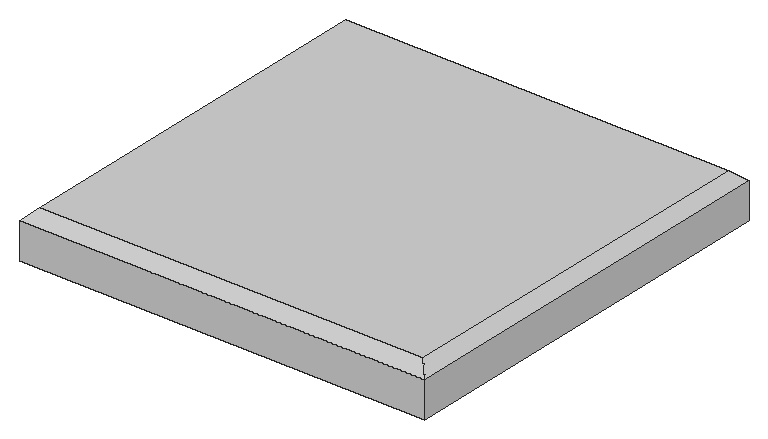
Revit family "12 X 12 SQUARE", category Specialty Equipment, Revit 2023
Family settings
  Round Connector Dimension = Use Diameter
  Part Type = Normal
  OmniClass Number = 23.35.00.00
  OmniClass Title = Covering, Cladding, and Finishes
  Work Plane-Based = Yes
  Enable Cutting in Views = Yes
  Always vertical = No
  Cut with Voids When Loaded = No
  Maintain Annotation Orientation = No
  Shared = No
  Room Calculation Point = No
Parameters (values of type "1-3/8 inch thick Primed White")
  URL = "https://www.acousticalsurfaces.com/envirocoustic-wood-wool/shapes/"
  Type Comments = "Acoustic Panels"
  Thickness = 0' - 1 3/8"
  Recycled Content Percentage = "0%"
  Model = "Envirocoustic Wood Wool"
  Material = "Envirocoustic Wood Wool"
  Manufacturer = "Acoustical Surfaces, Inc."
  Fire Rating = "ASTM E84 - Class A"
  Finish = Paint - Acoustical-Surfaces - Primed White
  Description = "Acoustic Panels"
  Default Elevation = 0' - 0"
  Assembly Code = "C30"
  Acoustics - NRC = "Sound absorption varies from NRC 0.45 to 0.95 based on installation method used when tested per ASTM C423."
Types (9): name | Thickness | Finish
  1-3/8 inch thick Primed White | 0' - 1 3/8" | Paint - Acoustical-Surfaces - Primed White
  1-3/8 inch thick Primed Clear | 0' - 1 3/8" | Paint - Acoustical-Surfaces - Primed Clear
  1-3/8 inch thick Custom Painted | 0' - 1 3/8" | Paint - Acoustical-Surfaces - Custom Painted
  2 inch thick Primed White | 0' - 2" | Paint - Acoustical-Surfaces - Primed White
  2 inch thick Primed Clear | 0' - 2" | Paint - Acoustical-Surfaces - Primed Clear
  2 inch thick Custom Painted | 0' - 2" | Paint - Acoustical-Surfaces - Custom Painted
  1 inch thick Primed White | 0' - 1" | Paint - Acoustical-Surfaces - Primed White
  1 inch thick Primed Clear | 0' - 1" | Paint - Acoustical-Surfaces - Primed Clear
  1 inch thick Custom Painted | 0' - 1" | Paint - Acoustical-Surfaces - Custom Painted
Reference planes (in)
  plane 1 "Center (Front/Back)": y = 0
  plane 2: z = 0
  plane 3 "Center (Left/Right)": x = 0
  plane 4: x = -6
  plane 5: x = 6
  plane 6: y = 6
  plane 7: y = -6
  plane 8: z = 1.375
  plane 9: z = -1
Forms (in)
  Extrusion 1, solid, material "Paint - Acoustical-Surfaces - Primed White" <- "Finish"
    sketch origin (0, 0, 0) x (1, 0, 0) y (0, 1, 0)
      loop
        line (6, 6) -> (-6, 6) -> (-6, -6) -> (6, -6) -> (6, 6)
    from 0 to 1.375
  Sweep 2, void
    path in 3D
      loop
        line (6, 6, 1.375) -> (-6, 6, 1.375) -> (-6, -6, 1.375) -> (6, -6, 1.375) -> (6, 6, 1.375)
    profile "Triangle : Family2" origin (6, 0, 1.375) x (-1, 0, 0) y (0, 0, 1)
      loop
        line (0, 0) -> (0, -0.315) -> (0.315, 0) -> (0, 0)
Cuts and joins
  Sweep 2 cuts Extrusion 1
Lines and regions (in)
  sketch lines
    curve 1: line (6, -6, 1.375) -> (6, 6, 1.375)
    curve 2: line (-6, -6, 1.375) -> (6, -6, 1.375)
    curve 3: line (-6, 6, 1.375) -> (-6, -6, 1.375)
    curve 4: line (6, 6, 1.375) -> (-6, 6, 1.375)
Dimensions and locks (in)
  equal spacing: plane 4, plane 3 "Center (Left/Right)", plane 5
  equal spacing: plane 7, plane 1 "Center (Front/Back)", plane 6
  plane 7 to plane 6 = 1' - 0"
  plane 4 to plane 5 = 1' - 0"
  "Thickness": plane 8 to level
  level to plane 9 = 0' - 1"
  aligned and locked: level to plane 2
  aligned and locked: Extrusion 1 sketch curve to plane 4
  aligned and locked: plane 5 to Extrusion 1 sketch curve
  aligned and locked: Extrusion 1 sketch curve to plane 6
  aligned and locked: Extrusion 1 sketch curve to plane 7
  aligned and locked: Extrusion 1 to plane 8
